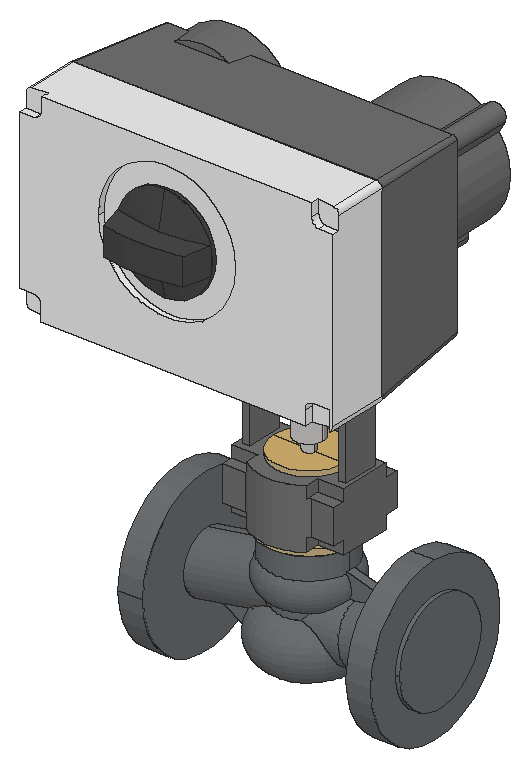
Revit family "VL2_DN15-DN100_AMV(E) 438 SU_RFA_2", category Pipe Accessories, Revit 2019
Family settings
  Round Connector Dimension = Use Diameter
  Part Type = Valve - Breaks Into
  OmniClass Number = 23.65.55.14.17
  OmniClass Title = Adjusting/Controlling Valves for Liquid Services
  Work Plane-Based = No
  Always vertical = Yes
  Cut with Voids When Loaded = No
  Shared = No
Parameters (values of type "VL2_DN15_Kvs0.63_065Z0371")
  W = if(D > 40 mm, D_Flange, 137.6 mm)  # 137.6 mm
  Voltage = if(Actuator Type = [082H0123], 230 V, 24 V)  # 24 V
  V100_LOD 200 = if(and(LOD 200, D > 80 mm), 1 = 1, 1 = 0)  # no
  Power = if(Actuator Type = [082H0121], 14 VA, 12 VA)  # 12 VA
  Nominal Pressure = "PN 6"  # constant formula
  LE1_100 = 20 mm
  LE_100 = 10 mm
  L = L2 * 2  # 130 mm
  H2 = 40 mm
  H [instance] = 255.5 mm
  EXT200 = 38 mm
  DN15 to DN50 = if(and(D > 10 mm, D < 65 mm), 1 = 1, 1 = 0)  # yes
  D1 = 30 mm
  L_Top = 3 mm
  V_SMALL LOD 200 = if(and(LOD 200, D < 100 mm), 1 = 1, 1 = 0)  # no
  V2 = if(D > 50 mm, 1 = 1, 1 = 0)  # no
  RB2 = 1 mm
  RB = 1 mm
  L_EXT = 80 mm
  L_100 = 25 mm
  HS_100 = 0 mm
  H_Revolve Bottom = 27 mm
  Weight = 1.48 kg
  W2 = 16 mm
  W1 = 17 mm
  Valve Body Material = Danfoss Grey Iron
  V_SMALL = if(and(LOD 350, D < 100 mm), 1 = 1, 1 = 0)  # yes
  V100 = if(and(LOD 350, D = 100 mm), 1 = 1, 1 = 0)  # no
  URL = "https://store.danfoss.com/en/Climate-Solutions-for-heating/Motorised-Control-Valves-/Globe-Valves/Valves-for-Heating-and-Cooling/c/4105?q=%3Arelevance%3Adanfoss_a50461501115_fts%3ATA1_1501116%3Adanfoss_a1015338478.nominal%3A15.0%3Adanfoss_a1015338478.nominal%3A20.0%3Adanfoss_a1015338478.nominal%3A25.0%3Adanfoss_a1015338478.nominal%3A32.0%3Adanfoss_a1015338478.nominal%3A40.0%3Adanfoss_a1015338478.nominal%3A65.0%3Adanfoss_a1015338478.nominal%3A80.0%3Adanfoss_a1015338478.nominal%3A100.0%3Adanfoss_producttypehierarchydesc%3A7dff7a1b9b02a685b93e9dec195870570b98ed85&text="
  Stroke = "10 mm"
  R_Arc = 30 mm
  R_Top = 12.5 mm
  R_Flow Pipe = 15 mm
  R2_Revolve = 6 mm
  R1_Revolve = 9 mm
  RT3 = 12.5 mm
  RT2 = 15.5 mm
  RT1_1 = 16 mm
  RT1 = 20.5 mm
  Pressure Drop [instance] = 0.0 bar
  Offset Flow Pipe_1 = 7 mm
  Offset Flow Pipe_2 = 5 mm
  Model Type = "VL2_DN15_Ksv0.63"
  Model = "065Z0371"
  Min Medium Temperature = "2 °C"  # constant formula
  Max Medium Temperature = "120 °C"  # constant formula
  Manufacturer = "Danfoss"  # constant formula
  L_S = 48 mm
  LOD 350 = not(LOD 200)  # yes
  LOD 200 = no
  L2 = 65 mm
  Kvs = 0.63 m³/h
  IfcExportType = "VL2"  # constant formula
  IfcExportAs = "IfcValveType"  # constant formula
  H_Revolve Top = 23 mm
  H1 = 85 mm
  HE_100 = 3 mm
  HE1 = 54.5 mm
  HE = 0 mm
  HB2 = 1 mm
  HB1 = 25 mm
  HB = 20 mm
  HE2 = 31 mm
  Flow [instance] = 0.0 m³/h
  EXT2 = 20 mm
  D_Connection End = 50 mm
  D_Flange = 80 mm
  Extrusion Top 2 = 5 mm
  Extrusion Top = 22 mm
  Extrusion Bottom = 26 mm
  Description = "Motorized Control Valve"  # constant formula
  D = 15 mm
  Connection = "Flange"  # constant formula
  L1_ve = -L1  # -2.5 mm
  Depth Flange_ve = -Depth_Flange  # -12 mm
  Depth_Flange = 12 mm
  L1 = 2.5 mm
  Assembly point = 1.3 mm
  Arc_100 = 10 mm
  Adapter Type = Adapter_AMV(E)_RFA : Adapter_AMV(E) 15(25)(35)_DN15-50_065Z0311
  Actuator Type = AMV(E) 438 SU_RFA : AMV 438 SU_24V_082H0122
  A2_Flow Pipe = 168.00°
  A2_2 = 0.00°
  A2 = 30.00°
  A3 = 16.00°
  A1_Flow Pipe = 170.00°
  A1 = 19 mm
  082H0123 = AMV(E) 438 SU_RFA : AMV 438 SU_230V_082H0123
  082H0121 = AMV(E) 438 SU_RFA : AME 438 SU_24V_082H0121
Reference planes
  plane 1 "Center (Front/Back)": y = 0
  plane 2 "XYPLANE": z = 0
  plane 3 "Center (Left/Right)": x = 0
  plane 4 "108": x = -62.5
  plane 5 "107": x = 65
  plane 6 "106": x = -65
  plane 7 "105": y = 0
  plane 8 "104": z = 0
  plane 9 "103": x = 0
  plane 10 "101": z = 85
  plane 11 "1": x = 62.5
  plane 12 "X1": z = 31
  plane 13 "X2": z = 31
  plane 14 "3": z = 54.5
  plane 15: z = 81.5
  plane 16: z = 79.5
  plane 17: x = 3
  plane 18: z = -26
  plane 19: z = -7
  plane 20: z = 22
  plane 21 "y1": x = 17.5
  plane 22: z = 5
  plane 23: x = 48
  plane 24: x = -16
  plane 25: x = -17
  plane 26: x = 12.5
  plane 27: x = -12.5
  plane 28: x = -2.5
  plane 29: x = 2.5
  plane 30: y = -12.5
  plane 31: y = 12.5
  plane 32: y = 2.5
  plane 33: y = -2.5
  plane 34 "HB": z = -20
  plane 35: z = -25
  plane 36 "HB2": z = -26
  plane 37: x = -12.5
  plane 38: x = 12.5
  plane 39: y = 12.5
  plane 40: y = -12.5
  plane 41: x = 20
  plane 42: x = 10
  plane 43: z = -40
  plane 44: y = 40
  plane 45: y = -40
  plane 46: z = 32.3
Forms (mm)
  Extrusion 1, solid, material "Danfoss Grey Iron" <- "Valve Body Material", detail levels fine
    sketch origin (-65, -750, 0) x (0, 1, 0) y (0, 0, 1)
      loop
        circle (750, 0) r 25
    from 0 to 2.5 <- "L1"
  Extrusion 2, solid, material "Danfoss Grey Iron" <- "Valve Body Material", detail levels fine
    sketch origin (65, -750, 0) x (0, 1, 0) y (0, 0, 1)
      loop
        circle (750, 0) r 25
    from 0 to -2.5 <- "L1_ve"
  Extrusion 3, solid, material "Danfoss Grey Iron" <- "Valve Body Material", detail levels fine
    sketch origin (0, 0, 0) x (1, 0, 0) y (0, 1, 0)
      loop
        circle (0, 0) r 20.5
      loop
        circle (0, 0) r 16
    from 20 <- "EXT2" to 31 <- "HE2"
  Extrusion 4, solid, not visible
    sketch origin (65, -750, 0) x (0, 1, 0) y (0, 0, 1)
      loop
        circle (750, 0) r 10
    from 0 to -10
  Extrusion 5, solid, not visible
    sketch origin (-65, -750, 0) x (0, 1, 0) y (0, 0, 1)
      loop
        circle (750, 0) r 10
    from 0 to 10
  Extrusion 6, solid, material "Danfoss Grey Iron" <- "Valve Body Material", detail levels fine
    sketch origin (-62.5, -750, 0) x (0, 1, 0) y (0, 0, 1)
      loop
        circle (750, 0) r 40
    from 0 to 12 <- "Depth_Flange"
  Extrusion 7, solid, material "Danfoss Grey Iron" <- "Valve Body Material", detail levels fine
    sketch origin (62.5, 0, 0) x (0, 0, 1) y (0, -1, 0)
      loop
        circle (0, 0) r 40
    from 0 to -12 <- "Depth Flange_ve"
  Extrusion 8, solid, material "Danfoss Brass", detail levels fine
    sketch origin (0, 0, 31) x (-1, 0, 0) y (0, -1, 0)
      loop
        circle (0, 0) r 15.5
    from 0 to -9
  Extrusion 9, solid, material "Danfoss Grey Iron" <- "Valve Body Material", visible <- "LOD 350", detail levels fine
    sketch origin (0, 0, 0) x (1, 0, 0) y (0, 0, 1)
      loop
        line (-50.5, -7) -> (-17.591, -26) -> (0, -26) -> (0, 0) -> (-50.5, 0) -> (-50.5, -7)
    from -4 to 4
  Revolve 10, solid, material "Danfoss Grey Iron" <- "Valve Body Material", visible <- "V_SMALL LOD 200", detail levels fine
    sketch origin (0, 0, 0) x (1, 0, 0) y (0, 0, 1)
      loop
        line (0, 30) -> (0, -30)
        arc (0, -30) -> (21.213, -21.213) -> (30, 0) r 30
        arc (30, 0) -> (21.213, 21.213) -> (0, 30) r 30
      axis (0, 30) -> (0, -30)
    angle from 0 to 360
  Revolve 11, solid, material "Danfoss Stainless Steel AISI 304 / AISI 316L", detail levels fine
    sketch origin (0, 0, 0) x (1, 0, 0) y (0, 0, 1)
      loop
        line (0, 54.5) -> (3, 54.5) -> (3, 79.5) -> (2, 79.5) -> (2, 81.5) -> (3, 81.5) -> (3, 82.495) -> (1.246, 85) -> (0, 85) -> (0, 54.5)
      axis (0, 85) -> (0, 54.5)
    angle from 0 to 360
  Sweep 12, solid, material "Danfoss Grey Iron" <- "Valve Body Material", detail levels fine
    path origin (0, 0, 0) x (1, 0, 0) y (0, 0, 1)
      loop
        line (-65, 0) -> (-50.5, 0) -> (-10.801, 7) -> (0, 7)
    profile origin (-57.75, 0, 0) x (0, 0, 1) y (0, -1, 0)
      loop
        circle (0, 0) r 15
  Sweep 13, solid, material "Danfoss Grey Iron" <- "Valve Body Material", detail levels fine
    path origin (0, 0, 0) x (1, 0, 0) y (0, 0, 1)
      loop
        line (69.52, 0) -> (49.875, 0) -> (26.352, -5) -> (0, -5)
    profile origin (59.698, 0, 0) x (0, 0, -1) y (0, -1, 0)
      loop
        circle (0, 0) r 15
  Extrusion 14, solid, material "Danfoss Brass", detail levels fine
    sketch origin (0, 0, 31) x (-1, 0, 0) y (0, -1, 0)
      loop
        circle (0, 0) r 12.5
    from 0 to 23.5
  Extrusion 15, solid, material "Danfoss Grey Iron" <- "Valve Body Material", visible <- "LOD 350", detail levels fine
    sketch origin (0, 0, 0) x (1, 0, 0) y (0, 0, 1)
      loop
        line (17.5, 5) -> (50.5, 5) -> (50.5, 12.537) -> (17.5, 22) -> (17.5, 5)
    from -2.5 to 2.5
  Extrusion 16, void
    sketch origin (0, 0, 0) x (1, 0, 0) y (0, 0, 1)
      loop
        line (65, -40) -> (105, -40) -> (105, 22) -> (65, 22) -> (65, -40)
    from -48.024 to 48.024
  Revolve 17, solid, material "Danfoss Grey Iron" <- "Valve Body Material", visible <- "V_SMALL", detail levels fine
    sketch origin (0, 0, 0) x (1, 0, 0) y (0, 0, 1)
      loop
        line (0, -27) -> (0, 23) -> (-17, 23)
        arc (-17, 23) -> (-22.986, 12.847) -> (-16, 3.354) r 10.695
        line (-16, 3.354) -> (-16, 0)
        arc (-16, 0) -> (-25.99, -13.149) -> (-17, -27) r 14.357
        line (-17, -27) -> (0, -27)
      axis (0, 23) -> (0, -27)
    angle from 0 to 360
  Extrusion 18, solid, material "Danfoss Grey Iron" <- "Valve Body Material", visible <- "V100", detail levels fine
    sketch origin (0, 0, 0) x (1, 0, 0) y (0, 1, 0)
      loop
        arc (-2.5, 12.5) -> (-9.571, 9.571) -> (-12.5, 2.5) r 10
        line (-12.5, 2.5) -> (-12.5, -2.5)
        arc (-12.5, -2.5) -> (-9.571, -9.571) -> (-2.5, -12.5) r 10
        line (-2.5, -12.5) -> (2.5, -12.5)
        arc (2.5, -12.5) -> (9.571, -9.571) -> (12.5, -2.5) r 10
        line (12.5, -2.5) -> (12.5, 2.5)
        arc (12.5, 2.5) -> (9.571, 9.571) -> (2.5, 12.5) r 10
        line (2.5, 12.5) -> (-2.5, 12.5)
    from 0 <- "HS_100" to 3 <- "HE_100"
  Extrusion 19, solid, material "Danfoss Grey Iron" <- "Valve Body Material", visible <- "V2", detail levels fine
    sketch origin (0, 0, -20) x (-1, 0, 0) y (0, -1, 0)
      loop
        circle (0, 0) r 1
    from 0 to -5
  Extrusion 20, solid, material "Danfoss Grey Iron" <- "Valve Body Material", visible <- "V2", detail levels fine
    sketch origin (0, 0, -26) x (-1, 0, 0) y (0, -1, 0)
      loop
        circle (0, 0) r 1
    from 0 to 1 <- "HB2"
  Extrusion 21, solid, material "Danfoss Grey Iron" <- "Valve Body Material", visible <- "V100_LOD 200", detail levels fine
    sketch origin (0, 0, 0) x (1, 0, 0) y (0, 1, 0)
      loop
        line (12.5, 12.5) -> (-12.5, 12.5) -> (-12.5, -12.5) -> (12.5, -12.5) -> (12.5, 12.5)
    from 0 <- "HS_100" to 3 <- "HE_100"
  Extrusion 22, solid, material "Danfoss Grey Iron" <- "Valve Body Material", visible <- "V100", detail levels fine
    sketch origin (0, 0, 0) x (1, 0, 0) y (0, 0, 1)
      loop
        line (0, 0) -> (0, -26) -> (10, -26) -> (20, -26) -> (20, 0) -> (0, 0)
    from -4 to 4
  Extrusion 23, solid, material "Danfoss Grey Iron" <- "Valve Body Material", detail levels fine
    sketch origin (0, 0, 31) x (-1, 0, 0) y (0, -1, 0)
      loop
        circle (0, 0) r 12.5
    from -9 to 0 <- "HE"
Cuts and joins
  Extrusion 16 cuts Extrusion 4
  Extrusion 16 cuts Extrusion 2
  Extrusion 16 cuts Sweep 13
  joined: Extrusion 2, Sweep 13
Lines and regions (mm)
  reference lines, not visible
    curve 1: circle (2, 2, 0) r 1 normal (0, 0, 1)
Dimensions and locks
  plane 1 "Center (Front/Back)" to curve 1 = 2 mm
  "L1": plane 6 "106" to plane 4 "108"
  "L2": plane 3 "Center (Left/Right)" to plane 5 "107"
  "L2": plane 3 "Center (Left/Right)" to plane 6 "106"
  locked: plane 1 "Center (Front/Back)" to plane 7 "105"
  locked: plane 2 "XYPLANE" to plane 8 "104"
  locked: plane 3 "Center (Left/Right)" to plane 9 "103"
  "L1": plane 11 "1" to plane 5 "107"
  "HE2": plane 12 "X1" to level
  "HE": plane 13 "X2" to plane 12 "X1"
  "H1": plane 10 "101" to level
  "HE1": plane 14 "3" to level
  plane 15 to plane 16 = 2 mm
  plane 10 "101" to plane 15 = 3.5 mm
  plane 17 to plane 9 "103" = 3 mm
  Revolve 11 sketch curve to Revolve 11 sketch curve = 1 mm  (x2)
  Revolve 11 sketch curve to Revolve 11 sketch curve = 0.995 mm
  "Offset Flow Pipe_1": Sweep 12 sketch curve to Sweep 12 sketch curve
  plane 5 "107" to plane 6 "106" = 130 mm
  "Extrusion Bottom": level to plane 18
  "A1": plane 19 to plane 18
  Extrusion 9 sketch curve to plane 18 = 0 mm
  Extrusion 9 sketch curve to plane 19 = 0 mm
  "Offset Flow Pipe_2": Extrusion 9 to Sweep 13 sketch curve
  Sweep 13 sketch curve to Sweep 13 sketch curve = 26.352 mm
  "Extrusion Top": plane 20 to level
  "Extrusion Top 2": plane 22 to level
  Extrusion 15 sketch curve to plane 20 = 0 mm
  Extrusion 16 sketch curve to plane 5 "107" = 40 mm
  "L_S": plane 23 to plane 3 "Center (Left/Right)"
  "W2": plane 3 "Center (Left/Right)" to plane 24
  Revolve 17 sketch curve to Revolve 17 sketch curve = 3.354 mm
  "R2_Revolve": plane 25 to Revolve 17 sketch curve
  "H_Revolve Bottom": level to Revolve 17 sketch curve
  "H_Revolve Top": Revolve 17 sketch curve to level
  "L_Top": plane 17 to plane 9 "103"
  "L_100": plane 27 to plane 26
  equal spacing: plane 27, plane 9 "103", plane 26
  "L_100": plane 30 to plane 31
  equal spacing: plane 30, plane 7 "105", plane 31
  "L_EXT": plane 21 "y1" to plane 4 "108"
  "Arc_100": plane 27 to plane 28
  "Arc_100": plane 29 to plane 26
  "Arc_100": plane 32 to plane 31
  "Arc_100": plane 30 to plane 33
  "R1_Revolve": plane 25 to Revolve 17 sketch curve
  "W1": plane 9 "103" to plane 25
  "HB": level to plane 34 "HB"
  "HB1": level to plane 35
  "HB2": plane 35 to plane 36 "HB2"
  "L_100": plane 37 to plane 38
  "L_100": plane 40 to plane 39
  equal spacing: plane 40, plane 1 "Center (Front/Back)", plane 39
  equal spacing: plane 37, plane 3 "Center (Left/Right)", plane 38
  "LE1_100": plane 41 to plane 9 "103"
  "LE_100": plane 42 to plane 3 "Center (Left/Right)"
  "H2": level to plane 43
  "H": nested 2 to plane 43
  level to plane 36 "HB2" = 26 mm
  "D_Flange": plane 44 to plane 45
  equal spacing: plane 44, plane 7 "105", plane 45
  "Assembly point": plane 46 to plane 13 "X2"
  locked: nested 2 to plane 46 at 3.2
  nested 2 to nested 2 = 137.6 mm
  "D_Connection End": diameter of Extrusion 1 sketch curve
  "D_Connection End": diameter of Extrusion 2 sketch curve
  "RT1": radius of Extrusion 3 sketch curve
  "D_Flange": diameter of Extrusion 6 sketch curve
  "RT1_1": radius of Extrusion 3 sketch curve
  "RT2": radius of Extrusion 8 sketch curve
  "R_Arc": radius of Revolve 10 sketch curve  (x2)
  "D_Flange": diameter of Extrusion 7 sketch curve
  "R_Flow Pipe": radius of Sweep 12 sketch curve
  "R_Flow Pipe": radius of Sweep 13 sketch curve
  "R_Top": radius of Extrusion 14 sketch curve
  "Arc_100": radius of Extrusion 18 sketch curve  (x4)
  "RB": radius of Extrusion 19 sketch curve
  "RB2": radius of Extrusion 20 sketch curve
  "RT3": radius of Extrusion 23 sketch curve
  "A1_Flow Pipe": angle Sweep 12 sketch curve to level
  "A3": angle Extrusion 15 sketch curve to plane 20
  "A2": angle Extrusion 9 sketch curve to plane 18
  "A2_Flow Pipe": angle Sweep 13 sketch curve to level
  "A2_2": angle plane 18 to Extrusion 22 sketch curve
  aligned and locked: level to plane 2 "XYPLANE"
  aligned and locked: Extrusion 1 sketch curve to plane 7 "105"
  aligned and locked: plane 8 "104" to Extrusion 1 sketch curve
  aligned and locked: Extrusion 2 sketch curve to plane 7 "105"
  aligned and locked: plane 8 "104" to Extrusion 2 sketch curve
  aligned and locked: plane 7 "105" to Extrusion 3 sketch curve
  aligned and locked: plane 9 "103" to Extrusion 3 sketch curve
  aligned and locked: Extrusion 4 sketch curve to plane 7 "105"
  aligned and locked: plane 8 "104" to Extrusion 4 sketch curve
  aligned and locked: Extrusion 5 sketch curve to plane 7 "105"
  aligned and locked: plane 8 "104" to Extrusion 5 sketch curve
  aligned and locked: plane 1 "Center (Front/Back)" to Extrusion 6 sketch curve
  aligned and locked: plane 1 "Center (Front/Back)" to Extrusion 7 sketch curve
  aligned and locked: Extrusion 6 to Extrusion 9 sketch curve
  aligned and locked: Extrusion 9 sketch curve to level
  aligned and locked: Revolve 10 sketch curve to plane 3 "Center (Left/Right)"
  aligned and locked: level to Revolve 10 sketch curve
  aligned and locked: Revolve 10 sketch curve to Revolve 10 sketch curve
  aligned and locked: Revolve 11 sketch curve to plane 14 "3"
  aligned and locked: Revolve 11 sketch curve to plane 9 "103"
  aligned and locked: Revolve 11 sketch curve to plane 17
  aligned and locked: Revolve 11 sketch curve to plane 16
  aligned and locked: Revolve 11 sketch curve to plane 10 "101"
  aligned and locked: plane 15 to Revolve 11 sketch curve
  aligned and locked: plane 14 "3" to Revolve 11 sketch curve
  aligned and locked: plane 10 "101" to Revolve 11 sketch curve
  aligned and locked: Sweep 12 sketch curve to plane 6 "106"
  aligned and locked: plane 1 "Center (Front/Back)" to Sweep 12 sketch curve
  aligned and locked: Sweep 12 sketch curve to plane 2 "XYPLANE"
  aligned and locked: Extrusion 6 to Sweep 12 sketch curve
  aligned and locked: plane 1 "Center (Front/Back)" to Sweep 13 sketch curve
  aligned and locked: plane 3 "Center (Left/Right)" to Sweep 12 sketch curve
  aligned and locked: plane 3 "Center (Left/Right)" to Sweep 13 sketch curve
  aligned and locked: plane 22 to Extrusion 15 sketch curve
  aligned and locked: plane 21 "y1" to Extrusion 15 sketch curve
  aligned and locked: Extrusion 7 to Extrusion 15 sketch curve
  aligned and locked: Extrusion 16 sketch curve to plane 5 "107"
  aligned and locked: Extrusion 9 sketch curve to plane 18
  aligned and locked: Extrusion 8 to plane 20
  aligned and locked: plane 25 to Revolve 17 sketch curve
  aligned and locked: Revolve 17 sketch curve to plane 24
  aligned and locked: plane 3 "Center (Left/Right)" to Revolve 17 sketch curve
  aligned and locked: Extrusion 3 to Revolve 17 sketch curve
  aligned and locked: Revolve 17 sketch curve to plane 9 "103"
  aligned and locked: level to Sweep 13 sketch curve
  aligned and locked: plane 31 to Extrusion 18 sketch curve
  aligned and locked: Extrusion 18 sketch curve to plane 30
  aligned and locked: plane 27 to Extrusion 18 sketch curve
  aligned and locked: plane 14 "3" to Extrusion 14
  aligned and locked: Extrusion 9 sketch curve to plane 3 "Center (Left/Right)"
  aligned and locked: plane 1 "Center (Front/Back)" to Extrusion 19 sketch curve
  aligned and locked: plane 3 "Center (Left/Right)" to Extrusion 19 sketch curve
  aligned and locked: Extrusion 19 to plane 35
  aligned and locked: plane 3 "Center (Left/Right)" to Extrusion 20 sketch curve
  aligned and locked: plane 1 "Center (Front/Back)" to Extrusion 20 sketch curve
  aligned and locked: plane 9 "103" to nested 1
  aligned and locked: Extrusion 21 sketch curve to plane 39
  aligned and locked: Extrusion 21 sketch curve to plane 37
  aligned and locked: Extrusion 21 sketch curve to plane 40
  aligned and locked: Extrusion 21 sketch curve to plane 38
  aligned and locked: Extrusion 22 sketch curve to plane 3 "Center (Left/Right)"
  aligned and locked: Extrusion 22 sketch curve to level
  aligned and locked: Extrusion 22 sketch curve to plane 18
  aligned and locked: Extrusion 22 sketch curve to plane 41
  aligned and locked: level to Extrusion 22 sketch curve
  aligned and locked: plane 42 to Extrusion 22 sketch curve
  aligned and locked: plane 1 "Center (Front/Back)" to Extrusion 23 sketch curve
  aligned and locked: plane 3 "Center (Left/Right)" to Extrusion 23 sketch curve
  aligned and locked: nested 3 to plane 7 "105"
  aligned and locked: nested 2 to plane 7 "105"
  aligned and locked: plane 9 "103" to nested 3
  aligned and locked: plane 9 "103" to nested 2
  aligned and locked: nested 3 to plane 46
Automatic sketch dimensions
  plane 1 "Center (Front/Back)" to Extrusion 4 sketch curve = 10 mm
  plane 1 "Center (Front/Back)" to Extrusion 5 sketch curve = 10 mm
  plane 3 "Center (Left/Right)" to curve 1 = 2 mm
  Extrusion 16 sketch curve to plane 20 = 0 mm
  Extrusion 16 sketch curve to plane 18 = 14 mm
  Extrusion 3 sketch curve to Extrusion 3 sketch curve = 0 mm  (x2)
  Extrusion 6 sketch curve to level = 0 mm
  Extrusion 7 sketch curve to level = 0 mm
  plane 1 "Center (Front/Back)" to Extrusion 8 sketch curve = 0 mm
  Extrusion 8 sketch curve to plane 3 "Center (Left/Right)" = 0 mm
  Revolve 10 sketch curve to plane 12 "X1" = 0 mm
  plane 18 to Revolve 10 sketch curve = 0.5 mm
  Revolve 11 sketch curve to plane 3 "Center (Left/Right)" = 0 mm
  plane 3 "Center (Left/Right)" to Revolve 11 sketch curve = 1.246 mm
  profile plane to Sweep 12 sketch curve = 0 mm
  plane 5 "107" to Sweep 13 sketch curve = 4.52 mm
  Sweep 13 sketch curve to profile plane = 0 mm
  plane 1 "Center (Front/Back)" to Extrusion 14 sketch curve = 0 mm
  Extrusion 14 sketch curve to plane 3 "Center (Left/Right)" = 0 mm
  Revolve 17 sketch curve to plane 25 = 0 mm
  Revolve 17 sketch curve to level = 0 mm
  plane 35 to Revolve 17 sketch curve = 0.043 mm
  Extrusion 18 sketch curve to plane 29 = 0 mm
  radius of curve 1 = 1 mm
Nested families
  nested 1: "Schematic_2-Way Valve_Flange" at (0, 0, 0), type "Schematic_2-Way Valve_Flange", detail levels coarse+medium
    with L_1 43.333 mm, L1 8.125 mm, L 130 mm, H 85 mm, D1 30 mm
  nested 2: "AMV(E) 438 SU_RFA" at (0, 0, 35.5), type <- "Actuator Type", LOD 200 <- "LOD 200", Voltage <- "Voltage", Power <- "Power", visible <- "DN15 to DN50", type "AMV 438 SU_24V_082H0122", detail levels fine
    with Voltage 24 V, Power 12 VA, LOD 350 yes, LOD 200 no
  nested 3: "Adapter_AMV(E)_RFA" at (0, 0, 32.3), type <- "Adapter Type", visible <- "DN15 to DN50", type "Adapter_AMV(E) 15(25)(35)_DN15-50_065Z0311", detail levels fine
Connectors
  piping at (-65, 0, 0), diameter 15, driven by "D", driven by "Flow"
    settings: on Extrusion 5, index 1, connector inside diameter 609.6 mm, connector length 0 mm, flow factor 0, pipe flow 0.0 m³/h, pressure drop 0.0 bar, fitting loss kfactor 0, connector angle 0.00°, fixture units 0, engagement length 0 mm, angle of deflection 0.00°, flow configuration 0, flow direction 0, fitting loss method 0, system type 29, joint type 0, gender type 0, connector reference index 2, connector utility 0, adjustable connector no, is connector primary yes, connector description ""
  piping at (65, 0, 0), diameter 15, driven by "D", driven by "Flow"
    settings: on Extrusion 4, index 2, connector inside diameter 609.6 mm, connector length 0 mm, flow factor 0, pipe flow 0.0 m³/h, pressure drop 0.0 bar, fitting loss kfactor 0, connector angle 0.00°, fixture units 0, engagement length 0 mm, angle of deflection 0.00°, flow configuration 0, flow direction 0, fitting loss method 0, system type 29, joint type 0, gender type 0, connector reference index 1, connector utility 0, adjustable connector no, is connector primary no, connector description ""
  electrical at (0, 0, 0), driven by "Voltage", driven by "Power"
    settings: index 22, voltage 24 V, apparent load 0 VA, apparent load phase1 12 VA, apparent load phase2 0 VA, apparent load phase3 0 VA, power factor 0.95, load classification "HVAC", number of poles 1, system type 31, power factor state 1, is connector primary yes, connector utility no, sub classification motor no, connector description ""
Definition of nested family "AMV(E) 438 SU_RFA"
  Parameters (values of type "AME 438 SU_24V_082H0121")
    Weight = 2.30 kg  # constant formula
    W [instance] = 137.6 mm
    Voltage [instance] = 24 V
    URL = "https://store.danfoss.com/en/Climate-Solutions-for-heating/Motorised-Control-Valves/Actuators-for-Globe-Valves/Actuators-With-Safety-Function/c/4110?q=%3Arelevance%3Adanfoss_producttypehierarchydesc%3AAME+438+SU%3Adanfoss_producttypehierarchydesc%3AAMV+438+SU&text="
    Speed = "15 s/mm"  # constant formula
    Safety Function = "Spring Up"  # constant formula
    Power Supply = "24 V"
    Power Consumption = "14 W"
    Power [instance] = 14 VA
    Output Signal = "0-10 V"
    Model Type = "AME 438 SU_24V"
    Model = "082H0121"
    Min Ambient Temperature = "0 °C"  # constant formula
    Max Stroke = 15 mm  # constant formula
    Max Medium Temperature = "150 °C"  # constant formula
    Max Ambient Temperature = "55 °C"  # constant formula
    Manufacturer = "Danfoss"  # constant formula
    LOD 350 [instance] = not(LOD 200)  # yes
    LOD 200 [instance] = no
    L [instance] = 155 mm
    IfcExportType = "AME 438 SU"
    IfcExportAs = "IfcActuatorType"  # constant formula
    H [instance] = 180 mm
    Description = "Gear Actuator"  # constant formula
    Control Input Signal = "0-10 V / 0-20 mA"
    Closing Force = "450 N"  # constant formula
    Body Material = none
  Types (4, lengths in mm): name | Voltage | Power Supply | Power Consumption | Power | Output Signal | Model Type | Model | IfcExportType | Control Input Signal
    (no name) | 24 V | "24 V" | "14 W" | 14 VA | "0-10 V" | "AME 438 SU_24V" | "082H0121" | "AME 438 SU" | "0-10 V / 0-20 mA"
    AMV 438 SU_24V_082H0122 | 24 V | "24 V" | "12 W" | 12 VA | "End-position feedback" | "AMV 438 SU_24V" | "082H0122" | "AMV 438 SU" | "3-point"
    AME 438 SU_24V_082H0121 | 24 V | "24 V" | "14 W" | 14 VA | "0-10 V" | "AME 438 SU_24V" | "082H0121" | "AME 438 SU" | "0-10 V / 0-20 mA"
    AMV 438 SU_230V_082H0123 | 230 V | "230 V" | "12 W" | 12 VA | "End-position feedback" | "AMV 438 SU_230V" | "082H0123" | "AMV 438 SU" | "3-point"
  Reference planes
    plane 1 "Center (Front/Back)": y = 0
    plane 2: z = 0
    plane 3 "Center (Left/Right)": x = 0
    plane 4: z = 180
    plane 5: x = 28
    plane 6 "1": x = -28
    plane 7: x = 51
    plane 8: x = -104
    plane 9: z = 74
    plane 10: z = 29.5
    plane 11: y = 71.5
    plane 12: y = -66.1
    plane 13: y = -54
    plane 14: y = 34
    plane 15: y = 23
    plane 16: y = -23
    plane 17: x = 22
    plane 18: x = -22
    plane 19: x = 46
    plane 20: x = -99
    plane 21: z = 79
    plane 22: z = 175
    plane 23: z = 176
    plane 24: z = 78
    plane 25: y = -49
    plane 26: z = 173.2
    plane 27: z = 80.8
    plane 28: z = 134.5
    plane 29 "2": x = -31
    plane 30: x = -97
    plane 31: x = 44
    plane 32: x = -71.6
    plane 33: x = 11
    plane 34: y = -18.5
  Forms (mm)
    Extrusion 1, solid, material <- "Body Material", visible <- "LOD 350", detail levels fine
      sketch origin (0, 0, 0) x (1, 0, 0) y (0, 1, 0)
        loop
          arc (-16.248, -19) -> (0, -25) -> (16.248, -19) r 25
          line (16.248, -19) -> (27.62, -19) -> (27.62, 20) -> (15, 20)
          arc (15, 20) -> (0, 25) -> (-15, 20) r 25
          line (-15, 20) -> (-27.62, 20) -> (-27.62, -19) -> (-16.248, -19)
      from 0 to 29.5
    Extrusion 2, solid, material <- "Body Material", visible <- "LOD 350", detail levels fine
      sketch origin (0, 0, 0) x (1, 0, 0) y (0, 0, 1)
        loop
          line (22, 66.67) -> (22, 29.5) -> (25.4, 29.5) -> (25.4, 66.67) -> (22, 66.67)
      from -9 to 9
    Extrusion 3, solid, material <- "Body Material", visible <- "LOD 350", detail levels fine
      sketch origin (0, 0, 0) x (-1, 0, 0) y (0, 0, -1)
        loop
          line (22, -66.67) -> (25.4, -66.67) -> (25.4, -29.5) -> (22, -29.5) -> (22, -66.67)
      from -9 to 9
    Blend 4, solid, visible <- "LOD 350", detail levels fine
      base sketch origin (0, 0, 0) x (1, 0, 0) y (0, 0, 1)
        loop
          line (51, 80.879) -> (51, 173.2)
          arc (51, 173.2) -> (50.295, 175.174) -> (48.5, 176.255) r 3.117
          arc (48.5, 176.255) -> (-26.5, 180.013) -> (-101.5, 176.255) r 750.263
          arc (-101.5, 176.255) -> (-103.295, 175.174) -> (-104, 173.2) r 3.117
          line (-104, 173.2) -> (-104, 80.8)
          arc (-104, 80.8) -> (-103.295, 78.826) -> (-101.5, 77.745) r 3.117
          arc (-101.5, 77.745) -> (-26.535, 73.991) -> (48.429, 77.738) r 751.077
          arc (48.429, 77.738) -> (50.275, 78.849) -> (51, 80.879) r 3.204
      top sketch origin (0, 0, 0) x (1, 0, 0) y (0, 0, 1)
        loop
          line (-104, 173.2) -> (-104, 80.8)
          arc (-104, 80.8) -> (-103.295, 78.826) -> (-101.5, 77.745) r 3.117
          arc (-101.5, 77.745) -> (-26.535, 73.991) -> (48.429, 77.738) r 751.077
          arc (48.429, 77.738) -> (50.275, 78.849) -> (51, 80.879) r 3.204
          line (51, 80.879) -> (51, 173.2)
          arc (51, 173.2) -> (50.295, 175.174) -> (48.5, 176.255) r 3.117
          arc (48.5, 176.255) -> (-26.5, 180.013) -> (-101.5, 176.255) r 750.263
          arc (-101.5, 176.255) -> (-103.295, 175.174) -> (-104, 173.2) r 3.117
      from 18.5 to 49
    Revolve 5, solid, visible <- "LOD 350", detail levels fine
      sketch origin (-31, 0, 0) x (0, 0, 1) y (0, -1, 0)
        loop
          line (158.578, 49) -> (158.578, 50.625) -> (140.681, 54) -> (134.5, 54) -> (134.5, 49) -> (158.578, 49)
        axis (134.5, 49) -> (134.5, 54)
      angle from 0 to 360
    Extrusion 6, solid, visible <- "LOD 350", detail levels fine
      sketch origin (0, 4.396, 0) x (1, 0, 0) y (0, 1, 0)
        loop
          arc (-50.517, -68.508) -> (-30.981, -70.634) -> (-11.456, -68.408) r 88.747
          line (-11.456, -68.408) -> (-7.869, -55.021)
          arc (-7.869, -55.021) -> (-31, -58.764) -> (-54.131, -55.021) r 73.346
          line (-54.131, -55.021) -> (-50.517, -68.508)
      from 127.697 to 141.4
    Extrusion 7, void
      sketch origin (0, 0, 0) x (1, 0, 0) y (0, 0, 1)
        loop
          circle (-31, 134.5) r 34.064
      from 46 to 49
    Extrusion 8, void
      sketch origin (0, 0, 0) x (1, 0, 0) y (0, 0, 1)
        loop
          line (-105.641, 75.49) -> (-93.5, 75.49) -> (-93.5, 84.02)
          arc (-93.5, 84.02) -> (-94.489, 86.765) -> (-97, 88.25) r 4.307
          line (-97, 88.25) -> (-105.641, 88.25) -> (-105.641, 75.49)
        loop
          line (49.641, 75.49) -> (49.641, 88.25) -> (41, 88.25)
          arc (41, 88.25) -> (38.489, 86.765) -> (37.5, 84.02) r 4.307
          line (37.5, 84.02) -> (37.5, 75.49) -> (49.641, 75.49)
        loop
          line (-105.328, 179.135) -> (-105.328, 166.375) -> (-96.687, 166.375)
          arc (-96.687, 166.375) -> (-94.176, 167.86) -> (-93.188, 170.605) r 4.307
          line (-93.188, 170.605) -> (-93.188, 179.135) -> (-105.328, 179.135)
        loop
          line (52.766, 179.135) -> (40.625, 179.135) -> (40.625, 170.605)
          arc (40.625, 170.605) -> (41.614, 167.86) -> (44.125, 166.375) r 4.307
          line (44.125, 166.375) -> (52.766, 166.375) -> (52.766, 179.135)
      from 45 to 49
    Extrusion 9, solid, material <- "Body Material", detail levels fine
      sketch origin (0, 0, 0) x (1, 0, 0) y (0, 0, 1)
        loop
          circle (-71.6, 146.308) r 29.997
      from -23 to -43
    Extrusion 10, solid, material <- "Body Material", visible <- "LOD 350", detail levels fine
      sketch origin (0, 0, 0) x (1, 0, 0) y (0, 0, 1)
        loop
          arc (27.837, 163.055) -> (-1.542, 165.346) -> (-19.807, 142.22) r 31.304
          line (-19.807, 142.22) -> (-28.53, 141.451)
          arc (-28.53, 141.451) -> (-31.852, 140.071) -> (-33.778, 137.033) r 5.971
          arc (-33.778, 137.033) -> (-32.981, 132.201) -> (-28.837, 129.59) r 5.971
          line (-28.837, 129.59) -> (-19.332, 128.925)
          arc (-19.332, 128.925) -> (-8.72, 112.353) -> (9.686, 105.389) r 31.304
          line (9.686, 105.389) -> (12.15, 100.104)
          arc (12.15, 100.104) -> (17.501, 97.376) -> (21.546, 101.816) r 4.951
          line (21.546, 101.816) -> (22.032, 107.369)
          arc (22.032, 107.369) -> (40.861, 127.273) -> (36.815, 154.371) r 31.304
          line (36.815, 154.371) -> (39.673, 159.323)
          arc (39.673, 159.323) -> (38.894, 165.242) -> (32.975, 166.021) r 4.904
          line (32.975, 166.021) -> (27.837, 163.055)
      from -71.5 to -34
    Extrusion 11, void
      sketch origin (0, 0, 0) x (1, 0, 0) y (0, 0, 1)
        loop
          line (-31, 6.656) -> (-31, 0) -> (-15, 0) -> (-15, 6.656) -> (-31, 6.656)
        loop
          line (-31, 29.5) -> (-31, 23.7) -> (-14.998, 23.7) -> (-14.998, 29.5) -> (-31, 29.5)
        loop
          line (31, 6.656) -> (15, 6.656) -> (15, 0) -> (31, 0) -> (31, 6.656)
        loop
          line (31, 29.5) -> (14.998, 29.5) -> (14.998, 23.7) -> (31, 23.7) -> (31, 29.5)
      from 13 to 23
    Extrusion 12, void
      sketch origin (0, 0, 20) x (1, 0, 0) y (0, 0, 1)
        loop
          line (-31, -13.344) -> (-31, -20) -> (-15, -20) -> (-15, -13.344) -> (-31, -13.344)
        loop
          line (-31, 9.5) -> (-31, 3.075) -> (-14.998, 3.075) -> (-14.998, 9.5) -> (-31, 9.5)
        loop
          line (31, -13.344) -> (15, -13.344) -> (15, -20) -> (31, -20) -> (31, -13.344)
        loop
          line (31, 9.5) -> (14.998, 9.5) -> (14.998, 3.075) -> (31, 3.075) -> (31, 9.5)
      from -23 to -13
    Blend 13, solid, material <- "Body Material", visible <- "LOD 350", detail levels fine
      base sketch origin (0, 0, 0) x (1, 0, 0) y (0, 0, 1)
        loop
          line (46, 84.457) -> (46, 169.923)
          arc (46, 169.923) -> (45.381, 171.333) -> (44, 172.016) r 2.252
          arc (44, 172.016) -> (-26.5, 175.001) -> (-97, 172.016) r 833.803
          arc (-97, 172.016) -> (-98.399, 171.314) -> (-99, 169.868) r 2.245
          line (-99, 169.868) -> (-99, 84.555)
          arc (-99, 84.555) -> (-98.521, 83.217) -> (-97.303, 82.487) r 2.109
          arc (-97.303, 82.487) -> (-26.456, 78.998) -> (44.391, 82.496) r 720.254
          arc (44.391, 82.496) -> (45.546, 83.189) -> (46, 84.457) r 2
      top sketch origin (0, 0, 0) x (1, 0, 0) y (0, 0, 1)
        loop
          line (-104, 173.2) -> (-104, 80.8)
          arc (-104, 80.8) -> (-103.295, 78.826) -> (-101.5, 77.745) r 3.117
          arc (-101.5, 77.745) -> (-26.535, 73.991) -> (48.429, 77.738) r 751.077
          arc (48.429, 77.738) -> (50.275, 78.849) -> (51, 80.879) r 3.204
          line (51, 80.879) -> (51, 173.2)
          arc (51, 173.2) -> (50.295, 175.174) -> (48.5, 176.255) r 3.117
          arc (48.5, 176.255) -> (-26.5, 180.013) -> (-101.5, 176.255) r 750.263
          arc (-101.5, 176.255) -> (-103.295, 175.174) -> (-104, 173.2) r 3.117
      from -34 to 18.5
    Extrusion 14, solid, material <- "Body Material", visible <- "LOD 200", detail levels fine
      sketch origin (0, 0, 0) x (0, 1, 0) y (0, 0, 1)
        loop
          line (-18.5, 180) -> (-18.5, 74) -> (34, 74) -> (34, 180) -> (-18.5, 180)
      from -104 to 51
    Extrusion 15, solid, material <- "Body Material", visible <- "LOD 200", detail levels fine
      sketch origin (0, 0, 0) x (1, 0, 0) y (0, 1, 0)
        loop
          line (28, 23) -> (-28, 23) -> (-28, -23) -> (28, -23) -> (28, 23)
      from 0 to 29.5
    Extrusion 16, solid, visible <- "LOD 200", detail levels fine
      sketch origin (0, 0, 0) x (1, 0, 0) y (0, 0, 1)
        loop
          line (-104, 180) -> (-104, 74) -> (51, 74) -> (51, 180) -> (-104, 180)
      from 18.5 to 49
    Extrusion 17, solid, material <- "Body Material", visible <- "LOD 200", detail levels fine
      sketch origin (0, 0, 0) x (1, 0, 0) y (0, 0, 1)
        loop
          circle (11, 136.665) r 31.304
      from -71.5 to -34
    Extrusion 18, solid, material <- "Body Material", visible <- "LOD 200", detail levels fine
      sketch origin (0, 0, 0) x (1, 0, 0) y (0, 0, 1)
        loop
          line (-22, 74) -> (-25.625, 74) -> (-25.625, 29.5) -> (-22, 29.5) -> (-22, 74)
        loop
          line (22, 74) -> (22, 29.5) -> (25.625, 29.5) -> (25.625, 74) -> (22, 74)
      from -9.158 to 8.842
    Extrusion 19, solid, material <- "Body Material", visible <- "LOD 350", detail levels fine
      sketch origin (0, 0, 0) x (1, 0, 0) y (0, 1, 0)
        loop
          arc (-34.009, -3.471) -> (-33.748, -4.299) -> (-33.059, -4.828) r 1.445
          line (-33.059, -4.828) -> (-6.897, -15.933)
          arc (-6.897, -15.933) -> (-0.134, -17.309) -> (6.63, -15.933) r 17.31
          line (6.63, -15.933) -> (33.124, -4.803)
          arc (33.124, -4.803) -> (33.768, -4.27) -> (34.009, -3.471) r 1.445
          line (34.009, -3.471) -> (34.009, 3.471)
          arc (34.009, 3.471) -> (33.766, 4.277) -> (33.116, 4.814) r 1.457
          line (33.116, 4.814) -> (6.343, 16.053)
          arc (6.343, 16.053) -> (-0.134, 17.371) -> (-6.61, 16.053) r 16.576
          line (-6.61, 16.053) -> (-32.954, 4.871)
          arc (-32.954, 4.871) -> (-33.716, 4.347) -> (-34.009, 3.471) r 1.457
          line (-34.009, 3.471) -> (-34.009, -3.471)
      from 66.67 to 79
    Revolve 20, solid, material <- "Body Material", visible <- "LOD 350", detail levels fine
      sketch origin (0, 0, 0) x (1, 0, 0) y (0, 0, 1)
        loop
          line (0, 79) -> (0, 49.15) -> (4, 49.15) -> (4, 55.05) -> (1.999, 55.05) -> (1.999, 57.174) -> (8, 57.174) -> (8, 79) -> (0, 79)
        axis (0, 79) -> (0, 49.15)
      angle from 0 to 360
    Extrusion 21, solid, visible <- "LOD 200", detail levels fine
      sketch origin (0, 0, 0) x (1, 0, 0) y (0, 0, 1)
        loop
          circle (-31, 134.5) r 23.96
      from 49 to 66.1
  Cuts and joins
    Extrusion 7, Extrusion 8 cuts Blend 4
    Extrusion 11, Extrusion 12 cuts Extrusion 1
  Dimensions and locks
    locked: plane 5 to plane 6 "1" at 56
    equal spacing: plane 5, plane 3 "Center (Left/Right)", plane 6 "1"
    locked: plane 4 to plane 9 at 106
    locked: plane 11 to plane 1 "Center (Front/Back)" at 71.5
    locked: plane 1 "Center (Front/Back)" to plane 13 at 54
    locked: plane 14 to plane 13 at 88
    locked: plane 18 to plane 6 "1" at 6
    locked: plane 5 to plane 17 at 6
    plane 19 to plane 20 = 145 mm
    locked: plane 4 to plane 28 at 45.5
    locked: plane 3 "Center (Left/Right)" to plane 29 "2" at 31
    Extrusion 11 sketch curve to Extrusion 11 sketch curve to Extrusion 11 sketch curve = 16.002 mm, 0 mm
    Extrusion 11 sketch curve to Extrusion 11 sketch curve to Extrusion 11 sketch curve = 16 mm, 30 mm
    Extrusion 11 sketch curve to Extrusion 11 sketch curve = 29.996 mm
    Extrusion 11 sketch curve to Extrusion 11 sketch curve = 16.002 mm
    equal spacing: Extrusion 11 sketch curve, Extrusion 11 sketch curve, Extrusion 11 sketch curve
    Extrusion 12 sketch curve to Extrusion 12 sketch curve to Extrusion 12 sketch curve = 16.002 mm, 0 mm
    Extrusion 12 sketch curve to Extrusion 12 sketch curve to Extrusion 12 sketch curve = 16 mm, 30 mm
    Extrusion 12 sketch curve to Extrusion 12 sketch curve = 29.996 mm
    Extrusion 12 sketch curve to Extrusion 12 sketch curve = 16.002 mm
    equal spacing: Extrusion 12 sketch curve, Extrusion 12 sketch curve, Extrusion 12 sketch curve
    locked: plane 1 "Center (Front/Back)" to plane 34 at 18.5
    locked: Extrusion 3 to plane 10 at 37.17
    "L": plane 7 to plane 8
    "H": plane 4 to level
    "W": plane 11 to plane 12
    radius of Extrusion 1 sketch curve = 25 mm  (x2)
    radius of Extrusion 7 sketch curve = 34.064 mm
    radius of Extrusion 9 sketch curve = 29.997 mm
    radius of Extrusion 10 sketch curve = 31.304 mm  (x2)
    radius of Extrusion 10 sketch curve = 4.904 mm
    radius of Extrusion 10 sketch curve = 4.951 mm
    radius of Extrusion 10 sketch curve = 5.971 mm  (x2)
    radius of Blend 13 sketch curve = 2 mm
    radius of Blend 13 sketch curve = 2.109 mm
    radius of Blend 13 sketch curve = 2.252 mm
    radius of Blend 13 sketch curve = 2.245 mm
    radius of Extrusion 17 sketch curve = 31.304 mm
    radius of Extrusion 21 sketch curve = 23.96 mm
    aligned and locked: level to plane 2
    aligned and locked: plane 3 "Center (Left/Right)" to Extrusion 1 sketch curve
    aligned and locked: plane 1 "Center (Front/Back)" to Extrusion 1 sketch curve
    aligned and locked: plane 10 to Extrusion 1
    aligned and locked: Extrusion 2 sketch curve to plane 17
    aligned and locked: Extrusion 2 sketch curve to plane 10
    aligned and locked: Extrusion 3 sketch curve to plane 18
    aligned and locked: Blend 4 sketch curve to plane 8
    aligned and locked: Blend 4 sketch curve to plane 7
    aligned and locked: plane 25 to Blend 4
    aligned and locked: plane 25 to Revolve 5 sketch curve
    aligned and locked: plane 28 to Revolve 5 sketch curve
    aligned and locked: plane 13 to Revolve 5 sketch curve
    aligned and locked: Revolve 5 sketch curve to plane 28
    aligned and locked: Extrusion 6 to Revolve 5
    aligned and locked: plane 29 "2" to Extrusion 7 sketch curve
    aligned and locked: plane 28 to Extrusion 7 sketch curve
    aligned and locked: plane 25 to Extrusion 8
    aligned and locked: Blend 4 to Extrusion 7
    aligned and locked: plane 32 to Extrusion 9 sketch curve
    aligned and locked: plane 33 to Extrusion 10 sketch curve
    aligned and locked: plane 14 to Extrusion 10
    aligned and locked: Extrusion 10 to plane 11
    aligned and locked: plane 15 to Extrusion 9
    aligned and locked: plane 16 to Extrusion 11
    aligned and locked: plane 10 to Extrusion 11 sketch curve
    aligned and locked: Extrusion 11 sketch curve to plane 10
    aligned and locked: Extrusion 12 sketch curve to level
    aligned and locked: level to Extrusion 12 sketch curve
    aligned and locked: plane 10 to Extrusion 12 sketch curve
    aligned and locked: Extrusion 12 sketch curve to plane 10
    aligned and locked: Extrusion 12 to plane 15
    aligned and locked: cut or joined group of Blend 4, Extrusion 7, Extrusion 8 to plane 34
    aligned and locked: Blend 4 sketch curve to var sketch  (x6)
    aligned and locked: plane 19 to Blend 13 sketch curve
    aligned and locked: plane 20 to Blend 13 sketch curve
    aligned and locked: Blend 13 sketch curve to cut or joined group of Blend 4, Extrusion 7, Extrusion 8  (x6)
    aligned and locked: plane 34 to Blend 13
    aligned and locked: Blend 13 to plane 14
    aligned and locked: plane 14 to Extrusion 14 sketch curve
    aligned and locked: plane 4 to Extrusion 14 sketch curve
    aligned and locked: plane 9 to Extrusion 14 sketch curve
    aligned and locked: Extrusion 15 sketch curve to plane 15
    aligned and locked: Extrusion 15 sketch curve to plane 6 "1"
    aligned and locked: Extrusion 15 sketch curve to plane 16
    aligned and locked: Extrusion 15 sketch curve to plane 5
    aligned and locked: plane 10 to Extrusion 15
    aligned and locked: plane 34 to Extrusion 14
    aligned and locked: Extrusion 16 sketch curve to plane 4
    aligned and locked: Extrusion 16 sketch curve to plane 7
    aligned and locked: Extrusion 16 sketch curve to plane 9
    aligned and locked: Extrusion 16 sketch curve to plane 8
    aligned and locked: Extrusion 16 to plane 34
    aligned and locked: plane 25 to Extrusion 16
    aligned and locked: Extrusion 17 sketch curve to Extrusion 10
    aligned and locked: plane 14 to Extrusion 17
    aligned and locked: Extrusion 17 to plane 11
    aligned and locked: Extrusion 18 sketch curve to plane 18
    aligned and locked: Extrusion 18 sketch curve to plane 17
    aligned and locked: Extrusion 18 sketch curve to plane 10  (x2)
    aligned and locked: Extrusion 18 sketch curve to plane 9  (x2)
    aligned and locked: plane 21 to Extrusion 19
    aligned and locked: Revolve 20 sketch curve to plane 3 "Center (Left/Right)"  (x2)
    aligned and locked: Revolve 20 sketch curve to plane 21
    aligned and locked: plane 12 to Extrusion 21
    aligned and locked: Extrusion 21 to plane 25
  Automatic sketch dimensions
    Extrusion 1 sketch curve to Extrusion 1 sketch curve = 0 mm  (x2)
    plane 15 to Extrusion 1 sketch curve = 3 mm  (x2)
    Extrusion 1 sketch curve to plane 16 = 4 mm  (x2)
    plane 6 "1" to Extrusion 1 sketch curve = 0.38 mm
    Extrusion 1 sketch curve to plane 5 = 0.38 mm
    Blend 4 sketch curve to plane 27 = 0 mm
    Blend 4 sketch curve to plane 26 = 0 mm  (x2)
    Blend 4 sketch curve to plane 20 = 1.883 mm  (x2)
    plane 6 "1" to Blend 4 sketch curve = 1.5 mm  (x2)
    plane 27 to Blend 4 sketch curve = 0.079 mm
    Blend 4 sketch curve to Blend 4 sketch curve = 3.204 mm
    Blend 4 sketch curve to Blend 4 sketch curve = 3.117 mm
    Blend 4 sketch curve to level = 570.25 mm
    plane 4 to Blend 4 sketch curve = 645.068 mm
    plane 23 to Blend 4 sketch curve = 0.255 mm
    Blend 4 sketch curve to plane 24 = 0.255 mm
    plane 28 to Revolve 5 sketch curve = 6.181 mm
    plane 25 to Revolve 5 sketch curve = 1.625 mm
    Revolve 5 sketch curve to plane 22 = 16.422 mm
    Revolve 5 sketch curve to plane 25 = 5 mm
    plane 12 to Revolve 5 sketch curve = 11.577 mm
    Extrusion 6 sketch curve to plane 29 "2" = 0 mm
    Extrusion 6 sketch curve to plane 29 "2" = 0.209 mm
    Extrusion 6 sketch curve to plane 12 = 1.988 mm
    Extrusion 6 sketch curve to plane 29 "2" = 19.517 mm
    plane 25 to Extrusion 6 sketch curve = 1.625 mm  (x2)
    Extrusion 6 sketch curve to Extrusion 6 sketch curve = 3.614 mm
    Extrusion 6 sketch curve to plane 12 = 2.088 mm
    Extrusion 6 sketch curve to plane 3 "Center (Left/Right)" = 11.456 mm
    Extrusion 6 sketch curve to Extrusion 6 sketch curve = 3.53 mm
    Extrusion 8 sketch curve to plane 30 = 0 mm
    Extrusion 8 sketch curve to plane 30 = 0.494 mm
    Extrusion 8 sketch curve to plane 30 = 0.807 mm
    Extrusion 8 sketch curve to plane 8 = 1.328 mm
    Extrusion 8 sketch curve to plane 8 = 1.641 mm
    plane 30 to Extrusion 8 sketch curve = 0.313 mm
    plane 9 to Extrusion 8 sketch curve = 1.49 mm  (x2)
    plane 30 to Extrusion 8 sketch curve = 3.5 mm
    Extrusion 8 sketch curve to plane 4 = 0.865 mm  (x2)
    plane 30 to Extrusion 8 sketch curve = 3.812 mm
    Extrusion 8 sketch curve to plane 31 = 6.5 mm
    Extrusion 8 sketch curve to plane 31 = 3.375 mm
    Extrusion 8 sketch curve to plane 31 = 3 mm
    Extrusion 8 sketch curve to plane 31 = 2.193 mm
    plane 31 to Extrusion 8 sketch curve = 0.125 mm
    plane 31 to Extrusion 8 sketch curve = 0.932 mm
    Extrusion 8 sketch curve to plane 7 = 1.359 mm
    plane 7 to Extrusion 8 sketch curve = 1.766 mm
    plane 21 to Extrusion 8 sketch curve = 5.02 mm  (x2)
    Extrusion 8 sketch curve to plane 22 = 8.625 mm  (x2)
    plane 28 to Extrusion 9 sketch curve = 11.808 mm
    Extrusion 10 sketch curve to Extrusion 10 sketch curve = 0 mm  (x7)
    Extrusion 10 sketch curve to plane 33 = 1.314 mm
    plane 18 to Extrusion 10 sketch curve = 2.668 mm
    plane 18 to Extrusion 10 sketch curve = 2.193 mm
    Extrusion 10 sketch curve to plane 6 "1" = 0.006 mm
    Extrusion 10 sketch curve to plane 6 "1" = 0.53 mm
    Extrusion 10 sketch curve to plane 6 "1" = 0.837 mm
    plane 33 to Extrusion 10 sketch curve = 1.15 mm
    Extrusion 10 sketch curve to Extrusion 10 sketch curve = 4.463 mm
    Extrusion 10 sketch curve to plane 17 = 0.454 mm
    plane 17 to Extrusion 10 sketch curve = 0.032 mm
    Extrusion 10 sketch curve to plane 5 = 0.163 mm
    plane 5 to Extrusion 10 sketch curve = 4.975 mm
    Extrusion 10 sketch curve to Extrusion 10 sketch curve = 2.452 mm
    Extrusion 10 sketch curve to plane 31 = 7.185 mm
    Extrusion 10 sketch curve to plane 31 = 4.327 mm
    plane 21 to Extrusion 10 sketch curve = 21.104 mm
    Extrusion 10 sketch curve to Extrusion 10 sketch curve = 5.284 mm
    Extrusion 10 sketch curve to Extrusion 10 sketch curve = 5.553 mm
    Extrusion 10 sketch curve to plane 28 = 4.91 mm
    Extrusion 10 sketch curve to Extrusion 10 sketch curve = 4.951 mm
    plane 28 to Extrusion 10 sketch curve = 2.533 mm
    Extrusion 11 sketch curve to plane 29 "2" = 0 mm
    Extrusion 11 sketch curve to level = 0 mm  (x2)
    plane 5 to Extrusion 11 sketch curve = 3 mm
    level to Extrusion 11 sketch curve = 6.656 mm  (x2)
    Extrusion 11 sketch curve to Extrusion 11 sketch curve = 5.8 mm  (x2)
    Extrusion 12 sketch curve to plane 29 "2" = 0 mm
    plane 5 to Extrusion 12 sketch curve = 3 mm
    Extrusion 12 sketch curve to plane 10 = 22.844 mm  (x2)
    Extrusion 12 sketch curve to Extrusion 12 sketch curve = 6.425 mm  (x2)
    Blend 13 sketch curve to plane 30 = 0 mm
    Blend 13 sketch curve to plane 31 = 0 mm
    plane 6 "1" to Blend 13 sketch curve = 1.5 mm  (x2)
    Blend 13 sketch curve to plane 31 = 0.247 mm
    plane 21 to Blend 13 sketch curve = 5.457 mm
    level to Blend 13 sketch curve = 84.555 mm
    Blend 13 sketch curve to plane 22 = 5.222 mm
    Blend 13 sketch curve to Blend 13 sketch curve = 0.085 mm
    plane 4 to Blend 13 sketch curve = 619.252 mm
    Blend 13 sketch curve to plane 30 = 0.303 mm
    Blend 13 sketch curve to level = 658.801 mm
    Extrusion 14 sketch curve to plane 25 = 30.5 mm
    Extrusion 18 sketch curve to Extrusion 18 sketch curve = 3.625 mm  (x2)
    Extrusion 3 sketch curve to plane 10 = 0 mm
    Extrusion 3 sketch curve to plane 6 "1" = 2.6 mm
    plane 9 to Extrusion 3 sketch curve = 7.33 mm
    Extrusion 2 sketch curve to plane 5 = 2.6 mm
    Extrusion 2 sketch curve to plane 9 = 7.33 mm
    Extrusion 19 sketch curve to plane 29 "2" = 3.009 mm
    Extrusion 19 sketch curve to Extrusion 19 sketch curve = 0.951 mm
    Extrusion 19 sketch curve to Extrusion 19 sketch curve = 1.055 mm
    Extrusion 19 sketch curve to Extrusion 19 sketch curve = 1.445 mm
    Extrusion 19 sketch curve to Extrusion 19 sketch curve = 0.402 mm
    Extrusion 19 sketch curve to plane 3 "Center (Left/Right)" = 6.897 mm
    Extrusion 19 sketch curve to plane 3 "Center (Left/Right)" = 6.61 mm
    Extrusion 19 sketch curve to plane 1 "Center (Front/Back)" = 0.001 mm
    Extrusion 19 sketch curve to plane 3 "Center (Left/Right)" = 0.134 mm  (x2)
    Extrusion 19 sketch curve to plane 33 = 4.657 mm
    Extrusion 19 sketch curve to plane 33 = 4.37 mm
    plane 5 to Extrusion 19 sketch curve = 4.552 mm
    plane 5 to Extrusion 19 sketch curve = 4.564 mm
    Extrusion 19 sketch curve to Extrusion 19 sketch curve = 0.564 mm
    Extrusion 19 sketch curve to Extrusion 19 sketch curve = 1.457 mm
    plane 1 "Center (Front/Back)" to Extrusion 19 sketch curve = 3.471 mm  (x2)
    Extrusion 19 sketch curve to plane 34 = 2.567 mm
    Extrusion 19 sketch curve to Extrusion 19 sketch curve = 0.794 mm
    Extrusion 19 sketch curve to plane 1 "Center (Front/Back)" = 3.471 mm  (x2)
    plane 15 to Extrusion 19 sketch curve = 6.947 mm
    Extrusion 19 sketch curve to Extrusion 19 sketch curve = 0.56 mm
    plane 3 "Center (Left/Right)" to Revolve 20 sketch curve = 1.999 mm
    Revolve 20 sketch curve to Revolve 20 sketch curve = 2.001 mm
    Revolve 20 sketch curve to plane 33 = 3 mm
    Revolve 20 sketch curve to plane 9 = 16.826 mm
    Revolve 20 sketch curve to Revolve 20 sketch curve = 2.124 mm
    Revolve 20 sketch curve to Revolve 20 sketch curve = 5.9 mm
    plane 10 to Revolve 20 sketch curve = 6.895 mm
    plane 21 to Revolve 20 sketch curve = 3.665 mm
    Extrusion 21 sketch curve to plane 28 = 0 mm
    Extrusion 21 sketch curve to plane 29 "2" = 0 mm
Definition of nested family "Adapter_AMV(E)_RFA"
  Parameters (values of type "Adapter_AMV(E) 55(56)_DN65-80_065Z0312")
    W = 45 mm
    URL = "https://store.danfoss.com/en/Climate-Solutions-for-heating/Motorised-Control-Valves/Actuators-for-Globe-Valves/Accessories-for-actuators/AdapAMx55-56-y23-VRB-G%2CVF-L2009dn65-80/p/065Z0312"
    Model Type = "Adapter_AMV(E) 55(56)_DN65-80"
    Model = "065Z0312"
    Manufacturer = "Danfoss"  # constant formula
    L = 45 mm
    IfcExportType = "Adapter"  # constant formula
    IfcExportAs = "IfcValveType"  # constant formula
    H2 = 33 mm
    H1 = 39 mm
    H = 74 mm
    Description = "Adapter"  # constant formula
  Types (3, lengths in mm): name | URL | Model Type | Model | H2 | H1 | H
    Adapter_AMV(E) 25_DN40-100_003Z0694 | "https://store.danfoss.com/en/Climate-Solutions-for-heating/Hydronic-Balancing-and-Control/Pressure-independent-balancing-and-control/Pressure-Independent-Control-Valves-%28PICV%29/AB-QM-Accessories/Adapter-AMV-E-25-DN-40---100/p/003Z0694" | "Adapter_AMV(E) 25_DN40-100" | "003Z0694" | 28 | 20 | 54.7
    Adapter_AMV(E) 15(25)(35)_DN15-50_065Z0311 | "https://store.danfoss.com/en/Climate-Solutions-for-heating/Motorised-Control-Valves/Actuators-for-Globe-Valves/Accessories-for-actuators/AdapAMx15-16-25-35-VRB-G%2CVF-L2009dn15-50/p/065Z0311" | "Adapter_AMV(E) 15(25)(35)_DN15-50" | "065Z0311" | 28 | 34 | 69
    Adapter_AMV(E) 55(56)_DN65-80_065Z0312 | "https://store.danfoss.com/en/Climate-Solutions-for-heating/Motorised-Control-Valves/Actuators-for-Globe-Valves/Accessories-for-actuators/AdapAMx55-56-y23-VRB-G%2CVF-L2009dn65-80/p/065Z0312" | "Adapter_AMV(E) 55(56)_DN65-80" | "065Z0312" | 33 | 39 | 74
  Reference planes
    plane 1 "Center (Front/Back)": y = 0
    plane 2: z = 0
    plane 3 "Center (Left/Right)": x = 0
    plane 4: z = 74
    plane 5: x = -22.5
    plane 6: x = 22.5
    plane 7: z = 35
    plane 8: z = 41
  Forms (mm)
    Revolve 1, solid
      sketch origin (0, 0, 0) x (1, 0, 0) y (0, 0, 1)
        loop
          line (0, 35) -> (-17.5, 35) -> (-17.5, 29.696) -> (-14.5, 18.2) -> (-17.5, 18.2) -> (-17.5, 3.2) -> (-22.5, 3.2) -> (-22.5, 0) -> (0, 0) -> (0, 35)
        axis (0, 35) -> (0, 0)
      angle from 0 to 360
    Revolve 2, solid
      sketch origin (0, 0, 0) x (1, 0, 0) y (0, 0, 1)
        loop
          line (0, 74) -> (-3, 74) -> (-3, 72) -> (-2, 72) -> (-2, 68) -> (-4, 65.144) -> (-4, 55.5) -> (-7, 55.5) -> (-7, 41) -> (0, 41) -> (0, 74)
        axis (0, 74) -> (0, 41)
      angle from 0 to 360
  Dimensions and locks
    equal spacing: plane 6, plane 3 "Center (Left/Right)", plane 5
    "L": plane 6 to plane 5
    "H": plane 4 to plane 2
    plane 3 "Center (Left/Right)" to Revolve 1 sketch curve = 17.5 mm
    Revolve 1 sketch curve to Revolve 1 sketch curve = 3.2 mm
    "H1": plane 4 to plane 7
    "H2": plane 4 to plane 8
    locked: Revolve 2 sketch curve to plane 8 at 14.5
    aligned and locked: level to plane 2
    aligned and locked: Revolve 1 sketch curve to plane 3 "Center (Left/Right)"
    aligned and locked: Revolve 1 sketch curve to plane 5
    aligned and locked: Revolve 1 sketch curve to plane 2
    aligned and locked: Revolve 1 sketch curve to Revolve 1 sketch curve
    aligned and locked: Revolve 2 sketch curve to plane 3 "Center (Left/Right)"
    aligned and locked: Revolve 2 sketch curve to plane 4
    aligned and locked: Revolve 2 sketch curve to Revolve 2 sketch curve
    aligned and locked: Revolve 1 sketch curve to plane 7
    aligned and locked: Revolve 2 sketch curve to plane 8
  Automatic sketch dimensions
    Revolve 1 sketch curve to level = 0 mm
    plane 5 to Revolve 1 sketch curve = 5 mm
    Revolve 1 sketch curve to Revolve 1 sketch curve = 3 mm
    Revolve 1 sketch curve to Revolve 1 sketch curve = 15 mm
    Revolve 1 sketch curve to Revolve 1 sketch curve = 5.304 mm
    Revolve 2 sketch curve to plane 4 = 0 mm
    Revolve 2 sketch curve to plane 3 "Center (Left/Right)" = 2 mm
    Revolve 2 sketch curve to Revolve 2 sketch curve = 1 mm
    Revolve 2 sketch curve to plane 3 "Center (Left/Right)" = 4 mm
    Revolve 2 sketch curve to Revolve 2 sketch curve = 7 mm
    Revolve 2 sketch curve to Revolve 2 sketch curve = 2.856 mm
    Revolve 2 sketch curve to plane 4 = 2 mm
    Revolve 2 sketch curve to Revolve 2 sketch curve = 4 mm
    Revolve 1 sketch curve to plane 7 = 0 mm
    plane 7 to Revolve 2 sketch curve = 2 mm
Definition of nested family "Schematic_2-Way Valve_Flange"
  Parameters (values of type "Schematic_2-Way Valve_Flange")
    L_1 = L / 3  # 120 mm
    L1 = L / 16  # 22.5 mm
    L = 360 mm
    H = 141 mm
    D1 = 100 mm
  Reference planes
    plane 1 "Center (Front/Back)": y = 0
    plane 2: z = 0
    plane 3 "Center (Left/Right)": x = 0
    plane 4: z = 50
    plane 5: z = -50
    plane 6: x = 180
    plane 7: x = -180
    plane 8: x = -157.5
    plane 9: x = 157.5
    plane 10: y = 50
    plane 11: y = -50
    plane 12: z = 141
    plane 13: z = 261
    plane 14: x = 60
    plane 15: x = -60
    plane 16: y = 141
    plane 17: y = 261
  Lines and regions (mm)
    model lines
      curve 1: line (-180, 0, 50) -> (-180, 0, -50)
      curve 2: line (180, 0, 50) -> (180, 0, -50)
      curve 3: line (0, 0, 0) -> (157.5, 0, 50)
      curve 4: line (157.5, 0, 50) -> (157.5, 0, -50)
      curve 5: line (157.5, 0, -50) -> (0, 0, 0)
      curve 6: line (0, 0, 0) -> (-157.5, 0, 50)
      curve 7: line (-157.5, 0, 50) -> (-157.5, 0, -50)
      curve 8: line (-157.5, 0, -50) -> (0, 0, 0)
      curve 17: line (0, 0, 141) -> (0, 0, 0)
      curve 18: line (-60, 0, 141) -> (60, 0, 141)
      curve 19: line (-60, 0, 261) -> (-60, 0, 141)
      curve 20: line (60, 0, 261) -> (-60, 0, 261)
      curve 21: line (60, 0, 141) -> (60, 0, 261)
    symbolic lines
      curve 9: line (0, 0, 0) -> (157.5, 50, 0)
      curve 10: line (157.5, 50, 0) -> (157.5, -50, 0)
      curve 11: line (157.5, -50, 0) -> (0, 0, 0)
      curve 12: line (0, 0, 0) -> (-157.5, 50, 0)
      curve 13: line (-157.5, 50, 0) -> (-157.5, -50, 0)
